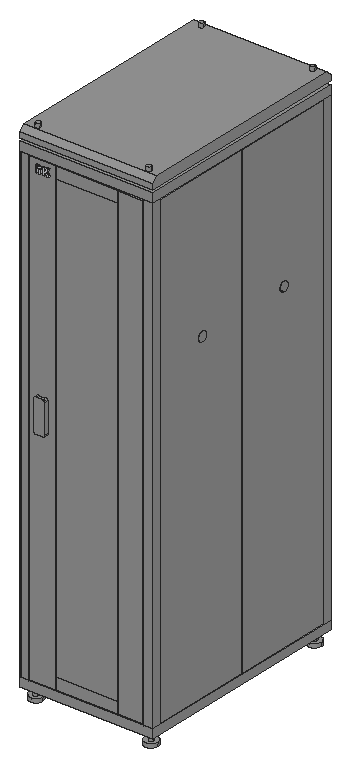
Revit family "ITK Шкаф сетевой 19 LINEA N 18U (600х1000 мм ) с перфорированной передней дверью", category Электрооборудование, Revit 2016
Family settings
  Тип детали = Другая панель
  Размер круглого соединителя = Использовать диаметр
  Номер OmniClass = 23.80.30.11.17
  Заголовок OmniClass = Distribution Boards and Control Panels
  На основе рабочей плоскости = Нет
  Всегда вертикально = Да
  При загрузке вырезать с полостями = Нет
  Общий = Нет
  Точка расчета площади = Нет
Parameters
  Ширина УГО = Ширина / 100  # 6 mm
  Ширина = 600 mm
  Степень защиты = "IP20"
  Смещение УГО по X [instance] = 1000 mm
  Основание = 50 mm
  Описание = "Напольные 19-дюймовые шкафы серии LINEA N применяются для размещения различного телекоммуникационного 19-дюймового активного и пассивного оборудования и небольших серверов, а также специализированного оборудования стандарта 19 дюймов, и отлично подходят для размещения как в офисных помещениях, так и в специализированных серверных комнатах.\r\n\r\nШирокий диапазон типоразмеров и модификаций сетевых шкафов, а также наличие большого количества комплектующих и аксессуаров к ним позволяет заказчику подобрать необходимую спецификацию в соответствии со стоящими перед ним задачами, а соответствие международным стандартам, таким как ISO9001, IEC 297, ISO/IEC 1180, обеспечивает совместимость с компонентами СКС и оборудованием других производителей.\r\n\r\nШкафы LINEA N обладают современным привлекательным дизайном и технологичной, но в то же время простой и удобной конструкцией, которая дает возможность эффективно справляться с задачами быстрого монтажа, администрирования и оперативного изменения конфигурации 19-дюймового оборудования, задачей защиты этого оборудования и поддержания для него оптимального температурного режима. Доступ внутрь шкафа возможен со всех сторон, для ввода кабеля предусмотрены вводы в верхней и нижней части. Сборка шкафа осуществляется одним специалистом и занимает не более 20 минут.\r\nРегулируемые по глубине 19-дюймовые направляющие.\r\nСовременный привлекательный дизайн.\r\nМонтажные профили имеют разметку в юнитах (U).\r\nХорошая естественная вентиляция, возможность установки дополнительных вентиляторных модулей.\r\nБоковые стенки оснащены замком и защелками.\r\nВозможность замены регулируемых ножек на ролики с тормозом.\r\nСтатическая нагрузка до 1000 кг (ножки).\r\nСборка одним человеком за 20 минут.\r\nНаличие большого количества совместимых аксессуаров и комплектующих производства ITK.\r\nВозможно исполнение в двух цветах: сером (RAL7035) и черном (RAL9005).\r\nРасширенная гарантия до 10 лет."  # constant formula
  Материал = Окраска - RAL 9005
  Крышка вентиляционная = 60 mm
  Type Comments = " "
  Assembly Code = ""
  Изготовитель = "ITK"  # constant formula
  Засечка УГО = 1.2 mm  # constant formula
  Model = ""
  Глубина УГО = Глубина / 100  # 10 mm
  Глубина = 1000 mm
  Высота = 2312 mm
  Вид установки = "Напольный"
  URL = "http://www.itk-group.ru/produktsiya/catalog/?page=section&id=450&pagen=1&pagec=100"
  ADSK_Ток = ADSK_Номинальная мощность / (ADSK_Коэффициент мощности * ADSK_Напряжение * sqrt(ADSK_Количество фаз числовое))  # 0 A
  ADSK_Примечание = ""
  ADSK_Полная мощность = ADSK_Номинальная мощность / ADSK_Коэффициент мощности  # 0 VA
  ADSK_Позиция [instance] = ""
  ADSK_Номинальная мощность = 0 W
  ADSK_Напряжение = 220 V
  ADSK_Наименование краткое = "LN35-47U61-P"
  ADSK_Наименование = "ITK Шкаф сетевой 19\" LINEA N 47U 600х1000 мм, перфорированная передняя дверь, серый"
  ADSK_Масса = 0
  ADSK_Марка = "LN35-47U61-P"
  ADSK_Коэффициент мощности = 1
  ADSK_Количество фаз числовое = 1
  ADSK_Количество фаз = 1
  ADSK_Код изделия = ""
  ADSK_Классификация нагрузок = Прочее
  ADSK_Завод-изготовитель = "IEK"
  ADSK_Единица измерения = "шт"
  ADSK_Группирование = "I. ЩИТЫ И ПУЛЬТЫ"
Reference planes
  plane 1 "По центру (Вперед/Назад)": y = 0
  plane 2: z = 0
  plane 3 "По центру (Влево/Вправо)": x = 0
  plane 4: x = -300
  plane 5: x = 300
  plane 6: y = 500
  plane 7: y = -500
  plane 8: z = 2312
  plane 9: z = 250
  plane 10: z = 2252
  plane 11: z = 50
  plane 12 "Смещение УГО по X": x = -1000
Forms (mm)
  Extrusion 1, solid, detail levels coarse+medium
    sketch origin (0, 0, 0) x (1, 0, 0) y (0, 1, 0)
      loop
        line (-300, 500) -> (-300, -500) -> (300, -500) -> (300, 500) -> (-300, 500)
    from 0 to 2312 <- "Высота"
Lines and regions (mm)
  reference lines
    curve 1: line (0, 241.146, 0) -> (0, -338.854, 0)
Dimensions and locks
  equal spacing: plane 7, plane 1 "По центру (Вперед/Назад)", plane 6
  "Глубина": plane 7 to plane 6
  equal spacing: plane 4, plane 3 "По центру (Влево/Вправо)", plane 5
  "Ширина": plane 4 to plane 5
  "Крышка вентиляционная": plane 8 to plane 10
  "Основание": plane 11 to plane 2
  "Высота": plane 8 to plane 2
  plane 12 "Смещение УГО по X" to plane 3 "По центру (Влево/Вправо)" = 1000 mm
  "Смещение УГО по X": plane 12 "Смещение УГО по X" to curve 1
  aligned and locked: level to plane 2
  aligned and locked: plane 1 "По центру (Вперед/Назад)" to nested 1
  aligned and locked: plane 3 "По центру (Влево/Вправо)" to nested 1
  aligned and locked: plane 1 "По центру (Вперед/Назад)" to nested 2
  aligned and locked: plane 3 "По центру (Влево/Вправо)" to nested 2
  aligned and locked: plane 1 "По центру (Вперед/Назад)" to nested 3
  aligned and locked: plane 3 "По центру (Влево/Вправо)" to nested 3
  aligned and locked: plane 3 "По центру (Влево/Вправо)" to nested 4
  aligned and locked: plane 1 "По центру (Вперед/Назад)" to nested 4
  aligned and locked: plane 1 "По центру (Вперед/Назад)" to nested 5
  aligned and locked: plane 3 "По центру (Влево/Вправо)" to nested 5
  aligned and locked: Extrusion 1 sketch curve to plane 4
  aligned and locked: Extrusion 1 sketch curve to plane 6
  aligned and locked: plane 7 to Extrusion 1 sketch curve
  aligned and locked: plane 5 to Extrusion 1 sketch curve
  aligned and locked: plane 1 "По центру (Вперед/Назад)" to nested 6
  aligned and locked: plane 3 "По центру (Влево/Вправо)" to nested 7
  aligned and locked: plane 1 "По центру (Вперед/Назад)" to nested 7
  aligned and locked: nested 6 to curve 1
  aligned and locked: plane 3 "По центру (Влево/Вправо)" to nested 8
  aligned and locked: plane 7 to nested 8
Automatic sketch dimensions
  curve 1 to plane 7 = 161.146 mm
  curve 1 to plane 1 "По центру (Вперед/Назад)" = 241.146 mm
Nested families
  nested 1: "Стойка_комплект 4шт" at (0, 0, 0), type "Стойка_комплект 4шт", detail levels fine
    with Основание 50 mm, Глубина 1000 mm, Высота 2312 mm
  nested 2: "Панель задняя" at (0, 0, 0), type "Панель задняя", detail levels fine
    with Основание 50 mm, Крыша вентиляционная 60 mm, Глубина 1000 mm, Высота 2312 mm
  nested 3: "Основание_2шт" at (0, 0, 0), type "Основание_2шт", detail levels fine
    with Крыша вентиляционная 60 mm, Глубина 1000 mm, Высота 2312 mm
  nested 4: "Крыша вентиляционная" at (0, 0, 0), type "Крыша вентиляционная", detail levels fine
    with Крыша вентиляционная 60 mm, Глубина 1000 mm, Высота 2312 mm
  nested 5: "Ножки" at (0, 0, 0), type "Ножки", detail levels fine
    with Крыша вентиляционная 60 mm, Глубина 1000 mm, Высота 2312 mm
  nested 6: "УГО (одна дверь)" at (0, 0, 0), type "УГО (одна дверь)", detail levels coarse+medium
    with Ширина УГО 6 mm, Засечка УГО 1.2 mm, Глубина УГО 10 mm
  nested 7: "Панель боковая (1000мм)_2шт" at (0, 0, 0), type "Панель боковая (1000мм)_2шт", detail levels fine
  nested 8: "Комплект двери перфорированной" at (0, 0, 0), type "Комплект двери перфорированной", detail levels fine
    with Глубина 1000 mm
Connectors
  electrical at (0, 500, 1156), driven by "ADSK_Напряжение", driven by "ADSK_Количество фаз", driven by "ADSK_Коэффициент мощности", driven by "ADSK_Классификация нагрузок", driven by "ADSK_Полная мощность"
    settings: on Extrusion 1, index 1, voltage 220 V, apparent load 0 VA, apparent load phase1 0 VA, apparent load phase2 0 VA, apparent load phase3 0 VA, power factor 1, load classification "Прочее", number of poles 1, system type 31, power factor state 1, is connector primary yes, connector utility no, sub classification motor no, connector description ""
Definition of nested family "Стойка_комплект 4шт"
  Parameters
    Ширина = 600 mm
    Основание = 150 mm
    Материал = none
    Крыша вентиляционная = 60 mm
    Глубина = 600 mm
    Высота = 2200 mm
  Reference planes
    plane 1 "По центру (Вперед/Назад)": y = 0
    plane 2: z = 0
    plane 3 "По центру (Влево/Вправо)": x = 0
    plane 4: x = -300
    plane 5: x = 300
    plane 6: y = 300
    plane 7: y = -300
    plane 8: y = 260
    plane 9: y = -260
    plane 10: x = -260
    plane 11: x = 260
    plane 12: z = 2100
    plane 13: z = 190
    plane 14: z = 150
    plane 15: z = 2140
    plane 16: z = 2200
  Forms (mm)
    Extrusion 1, solid, material <- "Материал"
      sketch origin (0, 0, 0) x (1, 0, 0) y (0, 1, 0)
        loop
          line (-300, -260) -> (-300, -300) -> (-260, -300) -> (-260, -280) -> (-245, -280) -> (-245, -260) -> (-260, -260) -> (-260, -245) -> (-270, -245) -> (-270, -260) -> (-300, -260)
        loop
          line (300, -260) -> (270, -260) -> (270, -245) -> (260, -245) -> (260, -260) -> (245, -260) -> (245, -280) -> (260, -280) -> (260, -300) -> (300, -300) -> (300, -260)
        loop
          line (300, 260) -> (300, 300) -> (260, 300) -> (260, 270) -> (245, 270) -> (245, 260) -> (260, 260) -> (260, 245) -> (270, 245) -> (270, 260) -> (300, 260)
        loop
          line (-300, 260) -> (-270, 260) -> (-270, 245) -> (-260, 245) -> (-260, 260) -> (-245, 260) -> (-245, 270) -> (-260, 270) -> (-260, 300) -> (-300, 300) -> (-300, 260)
        loop
          line (297, 297) -> (263, 297) -> (263, 267) -> (248, 267) -> (248, 263) -> (263, 263) -> (263, 248) -> (267, 248) -> (267, 263) -> (297, 263) -> (297, 297)
        loop
          line (-263, 297) -> (-297, 297) -> (-297, 263) -> (-267, 263) -> (-267, 248) -> (-263, 248) -> (-263, 263) -> (-248, 263) -> (-248, 267) -> (-263, 267) -> (-263, 297)
        loop
          line (-297, -263) -> (-297, -297) -> (-263, -297) -> (-263, -277) -> (-248, -277) -> (-248, -263) -> (-263, -263) -> (-263, -248) -> (-267, -248) -> (-267, -263) -> (-297, -263)
        loop
          line (263, -297) -> (297, -297) -> (297, -263) -> (267, -263) -> (267, -248) -> (263, -248) -> (263, -263) -> (248, -263) -> (248, -277) -> (263, -277) -> (263, -297)
      from 190 to 2100
  Dimensions and locks
    equal spacing: plane 7, plane 1 "По центру (Вперед/Назад)", plane 6
    equal spacing: plane 4, plane 3 "По центру (Влево/Вправо)", plane 5
    "Ширина": plane 4 to plane 5
    "Глубина": plane 7 to plane 6
    locked: plane 7 to plane 9 at 40
    locked: plane 6 to plane 8 at 40
    locked: plane 11 to plane 5 at 40
    locked: plane 4 to plane 10 at 40
    locked: plane 15 to plane 12 at 40
    "Крыша вентиляционная": plane 16 to plane 15
    locked: plane 13 to plane 14 at 40
    "Основание": plane 14 to plane 2
    "Высота": plane 16 to plane 2
    aligned and locked: level to plane 2
    aligned and locked: plane 9 to Extrusion 1 sketch curve
    aligned and locked: plane 4 to Extrusion 1 sketch curve
    aligned and locked: Extrusion 1 sketch curve to plane 7
    aligned and locked: plane 5 to Extrusion 1 sketch curve
    aligned and locked: plane 8 to Extrusion 1 sketch curve  (x2)
    aligned and locked: Extrusion 1 sketch curve to plane 11  (x2)
    aligned and locked: Extrusion 1 sketch curve to plane 6
    aligned and locked: plane 10 to Extrusion 1 sketch curve  (x2)
    aligned and locked: Extrusion 1 sketch curve to plane 8  (x2)
    aligned and locked: plane 6 to Extrusion 1 sketch curve
    aligned and locked: Extrusion 1 sketch curve to plane 4
    aligned and locked: plane 7 to Extrusion 1 sketch curve
    aligned and locked: Extrusion 1 sketch curve to plane 5
    aligned and locked: Extrusion 1 sketch curve to plane 9
    aligned and locked: plane 11 to Extrusion 1 sketch curve
    aligned and locked: plane 12 to Extrusion 1
    aligned and locked: Extrusion 1 to plane 13
  Automatic sketch dimensions
    Extrusion 1 sketch curve to plane 10 = 0 mm  (x2)
    plane 9 to Extrusion 1 sketch curve = 0 mm  (x2)
    Extrusion 1 sketch curve to plane 11 = 0 mm
    plane 4 to Extrusion 1 sketch curve = 3 mm  (x2)
    Extrusion 1 sketch curve to plane 10 = 10 mm  (x2)
    Extrusion 1 sketch curve to Extrusion 1 sketch curve = 3 mm  (x16)
    Extrusion 1 sketch curve to plane 10 = 3 mm  (x4)
    plane 10 to Extrusion 1 sketch curve = 12 mm  (x2)
    Extrusion 1 sketch curve to Extrusion 1 sketch curve = 15 mm  (x2)
    Extrusion 1 sketch curve to plane 11 = 3 mm  (x4)
    Extrusion 1 sketch curve to Extrusion 1 sketch curve = 4 mm  (x4)
    plane 5 to Extrusion 1 sketch curve = 3 mm  (x2)
    Extrusion 1 sketch curve to plane 7 = 3 mm  (x2)
    Extrusion 1 sketch curve to plane 7 = 20 mm  (x2)
    plane 9 to Extrusion 1 sketch curve = 3 mm  (x4)
    Extrusion 1 sketch curve to plane 9 = 12 mm  (x2)
    Extrusion 1 sketch curve to plane 8 = 15 mm  (x2)
    plane 8 to Extrusion 1 sketch curve = 3 mm  (x4)
    Extrusion 1 sketch curve to plane 6 = 3 mm  (x2)
Definition of nested family "Панель задняя"
  Parameters
    Ширина = 600 mm
    Основание = 150 mm
    Материал = none
    Крыша вентиляционная = 45 mm
    Глубина = 600 mm
    Высота = 1800 mm
  Reference planes
    plane 1 "По центру (Вперед/Назад)": y = 0
    plane 2: z = 0
    plane 3 "По центру (Влево/Вправо)": x = 0
    plane 4: x = -300
    plane 5: x = 300
    plane 6: y = 300
    plane 7: y = -300
    plane 8: y = 260
    plane 9: y = -260
    plane 10: x = -260
    plane 11: x = 260
    plane 12: z = 1715
    plane 13: z = 190
    plane 14: z = 1710
    plane 15: z = 195
    plane 16: z = 1755
    plane 17: z = 1800
    plane 18: z = 150
    plane 19: z = 240
    plane 20: z = 320
    plane 21: z = 370
    plane 22: z = 1665
    plane 23: z = 1585
    plane 24: z = 1535
    plane 25: z = 952.5
    plane 26: x = 140
    plane 27: x = -140
  Forms (mm)
    Extrusion 1, solid, material <- "Материал"
      sketch origin (0, 0, 0) x (1, 0, 0) y (0, 1, 0)
        loop
          line (-255, 300) -> (-255, 270) -> (-245, 270) -> (-245, 290) -> (245, 290) -> (245, 270) -> (255, 270) -> (255, 300) -> (-255, 300)
      from 195 to 1710
    Extrusion 2, void
      sketch origin (0, 0, 0) x (1, 0, 0) y (0, 0, 1)
        loop
          line (-255, 372.527) -> (-255, 367.473) -> (255, 367.473) -> (255, 372.527) -> (-255, 372.527)
        loop
          line (-175, 320) -> (-175, 240) -> (175, 240) -> (175, 320) -> (-175, 320)
        loop
          line (-170, 245) -> (170, 245) -> (170, 315) -> (-170, 315) -> (-170, 245)
        loop
          line (-255, 1532.473) -> (255, 1532.473) -> (255, 1537.527) -> (-255, 1537.527) -> (-255, 1532.473)
        loop
          line (-175, 1585) -> (175, 1585) -> (175, 1665) -> (-175, 1665) -> (-175, 1585)
        loop
          line (-170, 1660) -> (-170, 1590) -> (170, 1590) -> (170, 1660) -> (-170, 1660)
      from -300 to -293
  Cuts and joins
    Extrusion 2 cuts Extrusion 1
  Dimensions and locks
    equal spacing: plane 7, plane 1 "По центру (Вперед/Назад)", plane 6
    equal spacing: plane 4, plane 3 "По центру (Влево/Вправо)", plane 5
    "Ширина": plane 4 to plane 5
    "Глубина": plane 7 to plane 6
    locked: plane 7 to plane 9 at 40
    locked: plane 6 to plane 8 at 40
    locked: plane 11 to plane 5 at 40
    locked: plane 4 to plane 10 at 40
    locked: plane 12 to plane 14 at 5
    locked: plane 15 to plane 13 at 5
    locked: plane 16 to plane 12 at 40
    "Крыша вентиляционная": plane 17 to plane 16
    locked: plane 13 to plane 18 at 40
    "Основание": plane 18 to plane 2
    equal spacing: Extrusion 2 sketch curve, plane 21, Extrusion 2 sketch curve
    locked: Extrusion 2 sketch curve to Extrusion 2 sketch curve at 5.053  (x2)
    equal spacing: Extrusion 2 sketch curve, plane 3 "По центру (Влево/Вправо)", Extrusion 2 sketch curve  (x2)
    locked: Extrusion 2 sketch curve to Extrusion 2 sketch curve at 350  (x2)
    locked: plane 19 to plane 13 at 50
    locked: plane 21 to plane 20 at 50
    locked: plane 20 to plane 19 at 80
    locked: plane 23 to plane 24 at 50
    locked: plane 12 to plane 22 at 50
    locked: plane 22 to plane 23 at 80
    equal spacing: Extrusion 2 sketch curve, plane 24, Extrusion 2 sketch curve
    locked: plane 27 to plane 10 at 120
    locked: plane 26 to plane 11 at 120
    "Высота": plane 17 to plane 2
    equal spacing: plane 18, plane 25, plane 16
    aligned and locked: level to plane 2
    aligned and locked: Extrusion 1 sketch curve to plane 6
    aligned and locked: plane 14 to Extrusion 1
    aligned and locked: Extrusion 1 to plane 15
    aligned and locked: Extrusion 2 sketch curve to Extrusion 1  (x2)
    aligned and locked: Extrusion 2 sketch curve to plane 20
    aligned and locked: plane 19 to Extrusion 2 sketch curve
    aligned and locked: plane 6 to Extrusion 2
    aligned and locked: Extrusion 2 sketch curve to plane 23
    aligned and locked: plane 22 to Extrusion 2 sketch curve
    aligned and locked: nested 2 to plane 25
    aligned and locked: plane 26 to nested 2
    aligned and locked: nested 1 to plane 25
    aligned and locked: nested 1 to plane 27
  Automatic sketch dimensions
    plane 10 to Extrusion 1 sketch curve = 5 mm
    Extrusion 1 sketch curve to Extrusion 1 sketch curve = 10 mm
    plane 11 to Extrusion 1 sketch curve = 15 mm
    plane 11 to Extrusion 1 sketch curve = 5 mm
    Extrusion 1 sketch curve to plane 6 = 10 mm
    plane 8 to Extrusion 1 sketch curve = 10 mm  (x2)
    plane 10 to Extrusion 2 sketch curve = 5 mm
    Extrusion 2 sketch curve to Extrusion 2 sketch curve = 5 mm  (x4)
    plane 11 to Extrusion 2 sketch curve = 5 mm
    plane 19 to Extrusion 2 sketch curve = 5 mm
    Extrusion 2 sketch curve to plane 20 = 5 mm
    plane 23 to Extrusion 2 sketch curve = 5 mm
    Extrusion 2 sketch curve to plane 22 = 5 mm
  Nested families
    nested 1: "Замок" at (-140, 300, 952.5) x (-1, 0, 0) z (0, 1, 0), type "Замок"
    nested 2: "Замок" at (140, 300, 952.5) x (-1, 0, 0) z (0, 1, 0), type "Замок"
  Definition of nested family "Замок"
    Parameters
      Default Elevation = 1219.2 mm
      Материал = none
    Reference planes
      plane 1 "По центру (Вперед/Назад)": y = 0
      plane 2: z = 0
      plane 3 "По центру (Влево/Вправо)": x = 0
    Forms (mm)
      Extrusion 1, solid
        sketch origin (0, 0, 0) x (1, 0, 0) y (0, 1, 0)
          loop
            line (-1219.2, 1219.2) -> (-1219.2, -1219.2) -> (1219.2, -1219.2) -> (1219.2, 1219.2) -> (-1219.2, 1219.2)
        from 0 to -304.8
      Extrusion 2, solid, material <- "Материал"
        sketch origin (0, 0, 0) x (1, 0, 0) y (0, 1, 0)
          loop
            circle (0, 0) r 20
          loop
            line (3, 8.219) -> (-3, 8.219) -> (-3, -8.219) -> (3, -8.219) -> (3, 8.219)
        from 0 to 7
    Dimensions and locks
      aligned and locked: plane 2 to Extrusion 1
      aligned and locked: level to Extrusion 1
Definition of nested family "Основание_2шт"
  Parameters
    Ширина = 600 mm
    Основание = 50 mm
    Материал = none
    Крыша вентиляционная = 100 mm
    Глубина = 600 mm
    Высота = 1800 mm
  Reference planes
    plane 1 "По центру (Вперед/Назад)": y = 0
    plane 2: z = 0
    plane 3 "По центру (Влево/Вправо)": x = 0
    plane 4: x = -300
    plane 5: x = 300
    plane 6: y = 300
    plane 7: y = -300
    plane 8: y = 260
    plane 9: y = -260
    plane 10: x = -260
    plane 11: x = 260
    plane 12: z = 1800
    plane 13: z = 90
    plane 14: z = 50
    plane 15: z = 1700
    plane 16: z = 1660
    plane 17: z = 1655
    plane 18: z = 95
  Forms (mm)
    Extrusion 1, solid, material <- "Материал"
      sketch origin (0, 0, 0) x (1, 0, 0) y (0, 0, 1)
        loop
          line (-300, 1700) -> (-300, 1660) -> (300, 1660) -> (300, 1700) -> (-300, 1700)
        loop
          line (-300, 90) -> (-300, 50) -> (300, 50) -> (300, 90) -> (-300, 90)
      from -300 to 300
    Extrusion 2, solid, material <- "Материал"
      sketch origin (-1511.359, -1524, 1660) x (-1, 0, 0) y (0, -1, 0)
        loop
          line (-1771.359, -1769) -> (-1771.359, -1784) -> (-1756.359, -1784) -> (-1756.359, -1814) -> (-1266.359, -1814) -> (-1266.359, -1784) -> (-1251.359, -1784) -> (-1251.359, -1769) -> (-1221.359, -1769) -> (-1221.359, -1279) -> (-1251.359, -1279) -> (-1251.359, -1264) -> (-1266.359, -1264) -> (-1266.359, -1244) -> (-1756.359, -1244) -> (-1756.359, -1264) -> (-1771.359, -1264) -> (-1771.359, -1279) -> (-1801.359, -1279) -> (-1801.359, -1769) -> (-1771.359, -1769)
      from -5 to 0
    Extrusion 3, solid, material <- "Материал"
      sketch origin (-1511.359, -1524, 384.733) x (0, 1, 0) y (1, 0, 0)
        loop
          line (1769, 1771.359) -> (1769, 1801.359) -> (1279, 1801.359) -> (1279, 1771.359) -> (1264, 1771.359) -> (1264, 1756.359) -> (1244, 1756.359) -> (1244, 1266.359) -> (1264, 1266.359) -> (1264, 1251.359) -> (1279, 1251.359) -> (1279, 1221.359) -> (1769, 1221.359) -> (1769, 1251.359) -> (1784, 1251.359) -> (1784, 1266.359) -> (1814, 1266.359) -> (1814, 1756.359) -> (1784, 1756.359) -> (1784, 1771.359) -> (1769, 1771.359)
      from 289.733 to 294.733
  Dimensions and locks
    equal spacing: plane 7, plane 1 "По центру (Вперед/Назад)", plane 6
    equal spacing: plane 4, plane 3 "По центру (Влево/Вправо)", plane 5
    "Ширина": plane 4 to plane 5
    "Глубина": plane 7 to plane 6
    locked: plane 7 to plane 9 at 40
    locked: plane 6 to plane 8 at 40
    locked: plane 11 to plane 5 at 40
    locked: plane 4 to plane 10 at 40
    "Основание": plane 14 to plane 2
    locked: plane 13 to plane 14 at 40
    locked: plane 15 to plane 16 at 40
    "Крыша вентиляционная": plane 12 to plane 15
    locked: plane 16 to plane 17 at 5
    locked: plane 18 to plane 13 at 5
    "Высота": plane 12 to plane 2
    aligned and locked: level to plane 2
    aligned and locked: Extrusion 1 sketch curve to plane 15
    aligned and locked: plane 4 to Extrusion 1 sketch curve  (x2)
    aligned and locked: plane 16 to Extrusion 1 sketch curve
    aligned and locked: plane 5 to Extrusion 1 sketch curve  (x2)
    aligned and locked: Extrusion 1 sketch curve to plane 13
    aligned and locked: plane 14 to Extrusion 1 sketch curve
    aligned and locked: plane 6 to Extrusion 1
    aligned and locked: plane 7 to Extrusion 1
    aligned and locked: plane 9 to Extrusion 2 sketch curve
    aligned and locked: Extrusion 2 sketch curve to plane 9
    aligned and locked: Extrusion 2 sketch curve to plane 10
    aligned and locked: plane 11 to Extrusion 2 sketch curve
    aligned and locked: Extrusion 2 sketch curve to plane 11
    aligned and locked: plane 8 to Extrusion 2 sketch curve
    aligned and locked: Extrusion 2 sketch curve to plane 8
    aligned and locked: plane 10 to Extrusion 2 sketch curve
    aligned and locked: plane 16 to Extrusion 2
    aligned and locked: Extrusion 2 to plane 17
    aligned and locked: Extrusion 3 to plane 13
    aligned and locked: plane 18 to Extrusion 3
    aligned and locked: Extrusion 2 sketch curve to Extrusion 3
  Automatic sketch dimensions
    plane 5 to Extrusion 2 sketch curve = 10 mm
    Extrusion 2 sketch curve to Extrusion 2 sketch curve = 15 mm  (x2)
    plane 10 to Extrusion 2 sketch curve = 15 mm  (x2)
    plane 4 to Extrusion 2 sketch curve = 10 mm
    Extrusion 2 sketch curve to plane 6 = 10 mm
    Extrusion 2 sketch curve to plane 8 = 15 mm  (x2)
    Extrusion 2 sketch curve to plane 9 = 15 mm  (x2)
    plane 9 to Extrusion 3 sketch curve = 0 mm  (x2)
    Extrusion 3 sketch curve to plane 11 = 0 mm  (x2)
    Extrusion 3 sketch curve to plane 10 = 0 mm  (x2)
    Extrusion 3 sketch curve to plane 8 = 0 mm  (x2)
    Extrusion 3 sketch curve to plane 7 = 20 mm
    Extrusion 3 sketch curve to plane 9 = 15 mm  (x2)
    Extrusion 3 sketch curve to Extrusion 3 sketch curve = 15 mm  (x3)
    Extrusion 3 sketch curve to plane 8 = 15 mm
    Extrusion 3 sketch curve to plane 6 = 10 mm
    plane 5 to Extrusion 3 sketch curve = 10 mm
    plane 10 to Extrusion 3 sketch curve = 15 mm  (x2)
    plane 4 to Extrusion 3 sketch curve = 10 mm
Definition of nested family "Крыша вентиляционная"
  Parameters
    Ширина = 600 mm
    Основание = 50 mm
    Материал = none
    Крыша вентиляционная = 65 mm
    Глубина = 600 mm
    Высота = 1805 mm
  Reference planes
    plane 1 "По центру (Вперед/Назад)": y = 0
    plane 2: z = 0
    plane 3 "По центру (Влево/Вправо)": x = 0
    plane 4: x = -300
    plane 5: x = 300
    plane 6: y = 300
    plane 7: y = -300
    plane 8: y = 260
    plane 9: y = -260
    plane 10: x = -260
    plane 11: x = 260
    plane 12: z = 1805
    plane 13: z = 50
    plane 14: z = 1740
    plane 15: z = 1820
    plane 16: z = 1755
  Forms (mm)
    Extrusion 1, solid, material <- "Материал"
      sketch origin (-1511.359, -1524, 1710) x (-1, 0, 0) y (0, -1, 0)
        loop
          circle (-1761.359, -1784) r 10
        loop
          circle (-1761.359, -1264) r 10
        loop
          circle (-1261.359, -1784) r 10
        loop
          circle (-1261.359, -1264) r 10
      from 30 to 110
    Extrusion 2, solid, material <- "Материал"
      sketch origin (0, 0, 0) x (0, 1, 0) y (0, 0, 1)
        loop
          line (-275, 1805) -> (-300, 1780) -> (-300, 1755) -> (300, 1755) -> (300, 1780) -> (275, 1805) -> (-275, 1805)
      from -300 to 300
  Cuts and joins
    joined: Extrusion 1, Extrusion 2
  Dimensions and locks
    equal spacing: plane 7, plane 1 "По центру (Вперед/Назад)", plane 6
    equal spacing: plane 4, plane 3 "По центру (Влево/Вправо)", plane 5
    "Ширина": plane 4 to plane 5
    "Глубина": plane 7 to plane 6
    locked: plane 7 to plane 9 at 40
    locked: plane 6 to plane 8 at 40
    locked: plane 11 to plane 5 at 40
    locked: plane 4 to plane 10 at 40
    "Основание": plane 13 to plane 2
    "Крыша вентиляционная": plane 12 to plane 14
    locked: plane 15 to plane 12 at 15
    locked: plane 16 to plane 14 at 15
    equal spacing: plane 12, Extrusion 2 sketch curve, plane 16  (x2)
    "Высота": plane 12 to plane 2
    locked: plane 12 to Extrusion 2 sketch curve (angle 45.00°)
    locked: Extrusion 2 sketch curve to plane 12 (angle 45.00°)
    aligned and locked: level to plane 2
    aligned and locked: Extrusion 1 to plane 14
    aligned and locked: plane 15 to Extrusion 1
    aligned and locked: Extrusion 2 sketch curve to plane 12
    aligned and locked: Extrusion 2 sketch curve to plane 7
    aligned and locked: plane 16 to Extrusion 2 sketch curve
    aligned and locked: Extrusion 2 sketch curve to plane 6
    aligned and locked: Extrusion 2 to plane 4
    aligned and locked: Extrusion 2 to plane 5
  Automatic sketch dimensions
    plane 9 to Extrusion 1 sketch curve = 0 mm  (x2)
    Extrusion 1 sketch curve to plane 8 = 0 mm  (x2)
    plane 11 to Extrusion 1 sketch curve = 10 mm  (x2)
    plane 10 to Extrusion 1 sketch curve = 10 mm  (x2)
    radius of Extrusion 1 sketch curve = 10 mm  (x4)
Definition of nested family "Ножки"
  Parameters
    Ширина = 600 mm
    Основание = 50 mm
    Материал = none
    Крыша вентиляционная = 100 mm
    Глубина = 600 mm
    Высота = 1800 mm
  Reference planes
    plane 1 "По центру (Вперед/Назад)": y = 0
    plane 2: z = 0
    plane 3 "По центру (Влево/Вправо)": x = 0
    plane 4: x = -300
    plane 5: x = 300
    plane 6: y = 300
    plane 7: y = -300
    plane 8: y = 260
    plane 9: y = -260
    plane 10: x = -260
    plane 11: x = 260
    plane 12: z = 1850
    plane 13: z = 50
    plane 14: z = 15
  Forms (mm)
    Extrusion 1, solid, material <- "Материал"
      sketch origin (-1511.359, -1524, 1710) x (-1, 0, 0) y (0, -1, 0)
        loop
          circle (-1251.359, -1784) r 30
        loop
          circle (-1771.359, -1784) r 30
        loop
          circle (-1251.359, -1264) r 30
        loop
          circle (-1771.359, -1264) r 30
      from -1710 to -1695
    Extrusion 2, solid, material <- "Материал"
      sketch origin (-1511.359, -1524, 1710) x (-1, 0, 0) y (0, -1, 0)
        loop
          circle (-1251.359, -1784) r 10
        loop
          circle (-1771.359, -1784) r 10
        loop
          circle (-1251.359, -1264) r 10
        loop
          circle (-1771.359, -1264) r 10
      from -1695 to -1660
  Dimensions and locks
    equal spacing: plane 7, plane 1 "По центру (Вперед/Назад)", plane 6
    equal spacing: plane 4, plane 3 "По центру (Влево/Вправо)", plane 5
    "Ширина": plane 4 to plane 5
    "Глубина": plane 7 to plane 6
    locked: plane 7 to plane 9 at 40
    locked: plane 6 to plane 8 at 40
    locked: plane 11 to plane 5 at 40
    locked: plane 4 to plane 10 at 40
    "Основание": plane 13 to plane 2
    "Высота": plane 12 to plane 13
    locked: plane 14 to plane 2 at 15
    aligned and locked: level to plane 2
    aligned and locked: plane 10 to Extrusion 1 sketch curve  (x2)
    aligned and locked: plane 9 to Extrusion 1 sketch curve  (x2)
    aligned and locked: plane 11 to Extrusion 1 sketch curve  (x2)
    aligned and locked: plane 8 to Extrusion 1 sketch curve  (x2)
    aligned and locked: plane 10 to Extrusion 2 sketch curve  (x2)
    aligned and locked: plane 8 to Extrusion 2 sketch curve  (x2)
    aligned and locked: plane 11 to Extrusion 2 sketch curve  (x2)
    aligned and locked: plane 9 to Extrusion 2 sketch curve  (x2)
    aligned and locked: Extrusion 1 to level
    aligned and locked: plane 14 to Extrusion 1
    aligned and locked: Extrusion 2 to plane 14
    aligned and locked: plane 13 to Extrusion 2
  Automatic sketch dimensions
    radius of Extrusion 1 sketch curve = 30 mm  (x4)
    radius of Extrusion 2 sketch curve = 10 mm  (x4)
Definition of nested family "Панель боковая (1000мм)_2шт"
  Parameters (values of type "Панель боковая (1000мм)_2шт")
    Ширина = 600 mm
    Основание = 50 mm
    Материал = none
    Крышка вентиляционная = 60 mm
    Глубина = 1000 mm
    Высота = 2312 mm
  Reference planes
    plane 1 "По центру (Вперед/Назад)": y = 0
    plane 2: z = 0
    plane 3 "По центру (Влево/Вправо)": x = 0
    plane 4: x = -300
    plane 5: x = 300
    plane 6: y = 500
    plane 7: y = -500
    plane 8: y = 460
    plane 9: y = -460
    plane 10: x = -260
    plane 11: x = 260
    plane 12: z = 90
    plane 13: z = 95
    plane 14: z = 50
    plane 15: z = 1558
    plane 16: z = 2212
    plane 17: z = 2312
    plane 18: z = 804
    plane 19: z = 2252
    plane 20: z = 2207
  Forms (mm)
    Extrusion 1, solid, material <- "Материал"
      sketch origin (0, 0, 0) x (1, 0, 0) y (0, 1, 0)
        loop
          line (-300, 455) -> (-300, 5) -> (-270, 5) -> (-270, 15) -> (-289.98, 15) -> (-289.98, 445) -> (-270, 445) -> (-270, 455) -> (-300, 455)
        loop
          line (-300, -455) -> (-270, -455) -> (-270, -445) -> (-289.98, -445) -> (-289.98, -15) -> (-270, -15) -> (-270, -5) -> (-300, -5) -> (-300, -455)
        loop
          line (300, -455) -> (300, -5) -> (270, -5) -> (270, -15) -> (289.98, -15) -> (289.98, -445) -> (270, -445) -> (270, -455) -> (300, -455)
        loop
          line (300, 455) -> (270, 455) -> (270, 445) -> (289.98, 445) -> (289.98, 15) -> (270, 15) -> (270, 5) -> (300, 5) -> (300, 455)
      from 95 to 2207
  Dimensions and locks
    equal spacing: plane 7, plane 1 "По центру (Вперед/Назад)", plane 6
    equal spacing: plane 4, plane 3 "По центру (Влево/Вправо)", plane 5
    "Ширина": plane 4 to plane 5
    "Глубина": plane 7 to plane 6
    locked: plane 7 to plane 9 at 40
    locked: plane 6 to plane 8 at 40
    locked: plane 11 to plane 5 at 40
    locked: plane 4 to plane 10 at 40
    locked: plane 13 to plane 12 at 5
    locked: plane 12 to plane 14 at 40
    "Основание": plane 14 to plane 2
    "Высота": plane 17 to plane 2
    equal spacing: plane 17, plane 15, plane 18, plane 14
    "Крышка вентиляционная": plane 17 to plane 19
    locked: plane 19 to plane 16 at 40
    locked: plane 16 to plane 20 at 5
    aligned and locked: level to plane 2
    aligned and locked: Extrusion 1 to plane 13
    aligned and locked: nested 1 to plane 15
    aligned and locked: Extrusion 1 sketch curve to plane 4
    aligned and locked: nested 3 to plane 15
    aligned and locked: plane 15 to nested 4
    aligned and locked: plane 15 to nested 2
    aligned and locked: plane 20 to Extrusion 1
  Automatic sketch dimensions
    Extrusion 1 sketch curve to plane 4 = 0 mm
    Extrusion 1 sketch curve to plane 5 = 0 mm  (x2)
    plane 4 to Extrusion 1 sketch curve = 10.02 mm  (x2)
    Extrusion 1 sketch curve to plane 10 = 10 mm  (x4)
    Extrusion 1 sketch curve to plane 9 = 5 mm  (x2)
    Extrusion 1 sketch curve to plane 1 "По центру (Вперед/Назад)" = 5 mm  (x2)
    plane 1 "По центру (Вперед/Назад)" to Extrusion 1 sketch curve = 5 mm  (x2)
    Extrusion 1 sketch curve to plane 11 = 10 mm  (x4)
    plane 5 to Extrusion 1 sketch curve = 10.02 mm  (x2)
    Extrusion 1 sketch curve to Extrusion 1 sketch curve = 10 mm  (x6)
    Extrusion 1 sketch curve to plane 8 = 15 mm  (x2)
    Extrusion 1 sketch curve to plane 8 = 5 mm  (x2)
  Nested families
    nested 1: "Замок" at (300, 230, 1558) x (0, 1, 0) z (1, 0, 0), type "Замок"
    nested 2: "Замок" at (-300, 230, 1558) x (0, 1, 0) z (-1, 0, 0), type "Замок"
    nested 3: "Замок" at (-300, -230, 1558) x (0, -1, 0) z (-1, 0, 0), type "Замок"
    nested 4: "Замок" at (300, -230, 1558) x (0, -1, 0) z (1, 0, 0), type "Замок"
  Definition of nested family "Замок"
    Parameters
      Default Elevation = 1219.2 mm
      Материал = none
    Reference planes
      plane 1 "По центру (Вперед/Назад)": y = 0
      plane 2: z = 0
      plane 3 "По центру (Влево/Вправо)": x = 0
    Forms (mm)
      Extrusion 1, solid
        sketch origin (0, 0, 0) x (1, 0, 0) y (0, 1, 0)
          loop
            line (-1219.2, 1219.2) -> (-1219.2, -1219.2) -> (1219.2, -1219.2) -> (1219.2, 1219.2) -> (-1219.2, 1219.2)
        from 0 to -304.8
      Extrusion 2, solid, material <- "Материал"
        sketch origin (0, 0, 0) x (1, 0, 0) y (0, 1, 0)
          loop
            circle (0, 0) r 20
          loop
            line (3, 8.219) -> (-3, 8.219) -> (-3, -8.219) -> (3, -8.219) -> (3, 8.219)
        from 0 to 7
    Dimensions and locks
      aligned and locked: plane 2 to Extrusion 1
      aligned and locked: level to Extrusion 1
Definition of nested family "Комплект двери перфорированной"
  Parameters (values of type "Комплект двери перфорированной")
    Ширина = 600 mm
    Основание = 50 mm
    Материал = none
    Крыша вентиляционная = 60 mm
    Глубина = 800 mm
    Высота = 2312 mm
  Reference planes
    plane 1 "По центру (Вперед/Назад)": y = 0
    plane 2: z = 0
    plane 3 "По центру (Влево/Вправо)": x = 0
    plane 4: x = -300
    plane 5: x = 300
    plane 6: y = 400
    plane 7: y = -400
    plane 8: y = 360
    plane 9: y = -360
    plane 10: x = -260
    plane 11: x = 260
    plane 12: z = 2212
    plane 13: z = 90
    plane 14: z = 2207
    plane 15: z = 95
    plane 16: z = 2252
    plane 17: z = 2312
    plane 18: z = 50
    plane 19: z = 1181
    plane 20: x = -200
    plane 21: x = -140
    plane 22: x = 140
    plane 23: z = 2157
    plane 24: z = 145
  Forms (mm)
    Extrusion 1, solid, material <- "Материал"
      sketch origin (0, 0, 0) x (1, 0, 0) y (0, 1, 0)
        loop
          line (-255, -400) -> (-140, -400) -> (-140, -380) -> (-235, -380) -> (-235, -365) -> (-245, -365) -> (-245, -380) -> (-255, -380) -> (-255, -400)
        loop
          line (255, -400) -> (255, -380) -> (245, -380) -> (245, -365) -> (235, -365) -> (235, -380) -> (140, -380) -> (140, -400) -> (255, -400)
      from 95 to 2207
    Extrusion 2, solid
      sketch origin (0, 0, 0) x (1, 0, 0) y (0, 1, 0)
        loop
          line (-140, -380) -> (-140, -400) -> (140, -400) -> (140, -380) -> (-140, -380)
      from 145 to 2157
    Extrusion 3, solid, material <- "Материал"
      sketch origin (0, 0, 0) x (1, 0, 0) y (0, 1, 0)
        loop
          line (140, -380) -> (-140, -380) -> (-140, -400) -> (140, -400) -> (140, -380)
      from 95 to 145
    Extrusion 4, solid, material <- "Материал"
      sketch origin (0, 0, 2062) x (1, 0, 0) y (0, 1, 0)
        loop
          line (140, -380) -> (-140, -380) -> (-140, -400) -> (140, -400) -> (140, -380)
      from 95 to 145
  Dimensions and locks
    equal spacing: plane 7, plane 1 "По центру (Вперед/Назад)", plane 6
    equal spacing: plane 4, plane 3 "По центру (Влево/Вправо)", plane 5
    "Ширина": plane 4 to plane 5
    "Глубина": plane 7 to plane 6
    locked: plane 7 to plane 9 at 40
    locked: plane 6 to plane 8 at 40
    locked: plane 11 to plane 5 at 40
    locked: plane 4 to plane 10 at 40
    locked: plane 12 to plane 14 at 5
    locked: plane 15 to plane 13 at 5
    locked: plane 16 to plane 12 at 40
    "Крыша вентиляционная": plane 17 to plane 16
    locked: plane 13 to plane 18 at 40
    "Основание": plane 18 to plane 2
    equal spacing: plane 17, plane 19, plane 18
    locked: plane 4 to plane 21 at 160
    locked: plane 22 to plane 5 at 160
    locked: plane 4 to plane 20 at 100
    locked: plane 14 to plane 23 at 50
    "Высота": plane 17 to plane 2
    locked: plane 24 to plane 15 at 50
    aligned and locked: level to plane 2
    aligned and locked: plane 14 to Extrusion 1
    aligned and locked: Extrusion 1 to plane 15
    aligned and locked: nested 1 to plane 19
    aligned and locked: plane 20 to nested 1
    aligned and locked: Extrusion 1 sketch curve to plane 21
    aligned and locked: Extrusion 1 sketch curve to plane 22
    aligned and locked: Extrusion 2 sketch curve to Extrusion 1  (x4)
    aligned and locked: plane 20 to nested 2
    aligned and locked: nested 2 to plane 23
    aligned and locked: Extrusion 2 to plane 24
    aligned and locked: Extrusion 3 sketch curve to Extrusion 2  (x4)
    aligned and locked: Extrusion 3 to plane 15
    aligned and locked: Extrusion 3 to Extrusion 2
    aligned and locked: Extrusion 2 to nested 2
    aligned and locked: nested 2 to Extrusion 4
    aligned and locked: plane 14 to Extrusion 4
  Automatic sketch dimensions
    plane 7 to Extrusion 1 sketch curve = 0 mm  (x2)
    Extrusion 1 sketch curve to plane 10 = 25 mm
    Extrusion 1 sketch curve to Extrusion 1 sketch curve = 10 mm  (x2)
    Extrusion 1 sketch curve to plane 10 = 5 mm
    Extrusion 1 sketch curve to plane 9 = 5 mm  (x2)
    Extrusion 1 sketch curve to plane 11 = 25 mm
    Extrusion 1 sketch curve to plane 11 = 5 mm
    plane 7 to Extrusion 1 sketch curve = 20 mm
    Extrusion 1 sketch curve to Extrusion 1 sketch curve = 15 mm
    Extrusion 1 sketch curve to Extrusion 1 sketch curve = 0 mm  (x2)
    plane 7 to Extrusion 4 sketch curve = 0 mm
    Extrusion 4 sketch curve to plane 7 = 20 mm
    plane 5 to Extrusion 4 sketch curve = 440 mm
    Extrusion 4 sketch curve to Extrusion 4 sketch curve = 280 mm
  Nested families
    nested 1: "Ручка" at (-200, -400, 1181) x (1, 0, 0) z (0, -1, 0), type "Ручка"
    nested 2: "Логотип" at (-200, -400, 2157) x (1, 0, 0) z (0, -1, 0), type "Логотип"
  Definition of nested family "Ручка"
    Parameters
      Default Elevation = 1219.2 mm
      Материал = none
    Reference planes
      plane 1 "По центру (Вперед/Назад)": y = 0
      plane 2: z = 0
      plane 3 "По центру (Влево/Вправо)": x = 0
    Forms (mm)
      Extrusion 1, solid
        sketch origin (0, 0, 0) x (1, 0, 0) y (0, 1, 0)
          loop
            line (-1219.2, 1219.2) -> (-1219.2, -1219.2) -> (1219.2, -1219.2) -> (1219.2, 1219.2) -> (-1219.2, 1219.2)
        from 0 to -304.8
      Extrusion 2, solid, material <- "Материал"
        sketch origin (0, 0, 0) x (1, 0, 0) y (0, 1, 0)
          loop
            arc (-15, 75) -> (-22.071, 72.071) -> (-25, 65) r 10
            line (-25, 65) -> (-25, -65)
            arc (-25, -65) -> (-22.071, -72.071) -> (-15, -75) r 10
            line (-15, -75) -> (15, -75)
            arc (15, -75) -> (22.071, -72.071) -> (25, -65) r 10
            line (25, -65) -> (25, 65)
            arc (25, 65) -> (22.071, 72.071) -> (15, 75) r 10
            line (15, 75) -> (-15, 75)
        from 0 to 15
    Dimensions and locks
      aligned and locked: plane 2 to Extrusion 1
      aligned and locked: level to Extrusion 1
  Definition of nested family "Логотип"
    Parameters
      Default Elevation = 1219.2 mm
      Материал = none
    Reference planes
      plane 1 "По центру (Вперед/Назад)": y = 0
      plane 2: z = 0
      plane 3 "По центру (Влево/Вправо)": x = 0
    Forms (mm)
      Extrusion 1, solid
        sketch origin (0, 0, 0) x (1, 0, 0) y (0, 1, 0)
          loop
            line (-1219.2, 1219.2) -> (-1219.2, -1219.2) -> (1219.2, -1219.2) -> (1219.2, 1219.2) -> (-1219.2, 1219.2)
        from 0 to -304.8
      Extrusion 2, solid, material <- "Материал"
        sketch origin (0, 0, 0) x (1, 0, 0) y (0, 1, 0)
          loop
            line (-24.198, 18.809) -> (-24.198, 0) -> (-15.975, 0) -> (-15.975, 18.809) -> (-24.198, 18.809)
          loop
            line (0.039, 18.809) -> (-7.705, 18.809) -> (-7.705, 0) -> (0.039, 0) -> (0.039, 18.809)
          loop
            line (-24.198, 21.431) -> (-15.975, 21.431) -> (-15.975, 29.41) -> (-24.198, 29.41) -> (-24.198, 21.431)
          loop
            line (8.482, 29.41) -> (8.482, 0) -> (16.233, 0) -> (16.233, 11.027) -> (19.197, 11.027) -> (26.358, 0) -> (35.802, 0) -> (25.102, 14.728) -> (35.802, 29.41) -> (26.358, 29.41) -> (19.197, 18.383) -> (16.233, 18.383) -> (16.233, 29.41) -> (8.482, 29.41)
          loop
            line (-13.581, 29.41) -> (-13.581, 21.431) -> (5.915, 21.431) -> (5.915, 29.41) -> (-13.581, 29.41)
        from 0 to 7
    Dimensions and locks
      aligned and locked: plane 2 to Extrusion 1
      aligned and locked: level to Extrusion 1
Definition of nested family "УГО (одна дверь)"
  Parameters (values of type "УГО (одна дверь)")
    Ширина УГО = 60 mm
    Засечка УГО = 12 mm
    Глубина УГО = 80 mm
  Reference planes
    plane 1: y = 0
    plane 2: x = 0
  Lines and regions (mm)
    detail lines
      curve 1: line (-30, 40, 0) -> (30, 40, 0)
      curve 2: line (-30, -40, 0) -> (-30, 40, 0)
      curve 3: line (30, -40, 0) -> (-30, -40, 0)
      curve 4: line (30, 40, 0) -> (30, -40, 0)
      curve 5: line (30, -40, 0) -> (30, -100, 0)
      curve 6: arc (-30, -40, 0) -> (-12.426, -82.426, 0) -> (30, -100, 0) r 60
      curve 7: line (30, -28, 0) -> (-30, -28, 0)
  Dimensions and locks
    equal spacing: curve 2, plane 2, curve 4
    "Ширина УГО": curve 2 to curve 4
    equal spacing: curve 1, plane 1, curve 3
    "Глубина УГО": curve 1 to curve 3
    "Ширина УГО": curve 3 to curve 5
    "Засечка УГО": curve 7 to curve 3
Types in the file's own list only (14): name | Ширина УГО | Ширина | Основание | Материал | Крышка вентиляционная | Засечка УГО | Глубина УГО | Глубина | Высота | URL | ADSK_Ток | ADSK_Полная мощность | ADSK_Номинальная мощность | ADSK_Напряжение | ADSK_Наименование краткое | ADSK_Наименование | ADSK_Марка
  LN05-18U61-P | 6 мм | 600 мм | 50 мм | Окраска - RAL 9005 | 60 мм | 1 мм | 10 мм | 1000 мм | 1022 мм | "http://www.itk-Proup.ru/produktsiya/catalog/?page=section&id=450&pagen=1&pagec=100" | 0 А | 0 В·А | 0 Вт | 220 В | "LN05-18U61-P" | "ITK Шкаф сетевой 19\" LINEA N 18U 600х1000 мм, перфорированная передняя дверь, черный" | "LN05-18U61-P"
  LN05-24U61-P | 6 мм | 600 мм | 50 мм | Окраска - RAL 9005 | 60 мм | 1 мм | 10 мм | 1000 мм | 1290 мм | "http://www.itk-Proup.ru/produktsiya/catalog/?page=section&id=450&pagen=1&pagec=100" | 0 А | 0 В·А | 0 Вт | 220 В | "LN05-24U61-P" | "ITK Шкаф сетевой 19\" LINEA N 24U 600х1000 мм, перфорированная передняя дверь, черный" | "LN05-24U61-P"
  LN05-28U61-P | 6 мм | 600 мм | 50 мм | Окраска - RAL 9005 | 60 мм | 1 мм | 10 мм | 1000 мм | 1467 мм | "http://www.itk-Proup.ru/produktsiya/catalog/?page=section&id=450&pagen=1&pagec=100" | 0 А | 0 В·А | 0 Вт | 220 В | "LN05-28U61-P" | "ITK Шкаф сетевой 19\" LINEA N 28U 600х1000 мм, перфорированная передняя дверь, черный" | "LN05-28U61-P"
  LN05-33U61-P | 6 мм | 600 мм | 50 мм | Окраска - RAL 9005 | 60 мм | 1 мм | 10 мм | 1000 мм | 1690 мм | "http://www.itk-Proup.ru/produktsiya/catalog/?page=section&id=450&pagen=1&pagec=100" | 0 А | 0 В·А | 0 Вт | 220 В | "LN05-33U61-P" | "ITK Шкаф сетевой 19\" LINEA N 33U 600х1000 мм, перфорированная передняя дверь, черный" | "LN05-33U61-P"
  LN05-38U61-P | 6 мм | 600 мм | 50 мм | Окраска - RAL 9005 | 60 мм | 1 мм | 10 мм | 1000 мм | 1912 мм | "http://www.itk-Proup.ru/produktsiya/catalog/?page=section&id=450&pagen=1&pagec=100" | 0 А | 0 В·А | 0 Вт | 220 В | "LN05-38U61-P" | "ITK Шкаф сетевой 19\" LINEA N 18U 600х1000 мм, перфорированная передняя дверь, черный" | "LN05-38U61-P"
  LN05-42U61-P | 6 мм | 600 мм | 50 мм | Окраска - RAL 9005 | 60 мм | 1 мм | 10 мм | 1000 мм | 2090 мм | "http://www.itk-Proup.ru/produktsiya/catalog/?page=section&id=450&pagen=1&pagec=100" | 0 А | 0 В·А | 0 Вт | 220 В | "LN05-42U61-P" | "ITK Шкаф сетевой 19\" LINEA N 42U 600х1000 мм, перфорированная передняя дверь, черный" | "LN05-42U61-P"
  LN05-47U61-P | 6 мм | 600 мм | 50 мм | Окраска - RAL 9005 | 60 мм | 1 мм | 10 мм | 1000 мм | 2312 мм | "http://www.itk-Proup.ru/produktsiya/catalog/?page=section&id=450&pagen=1&pagec=100" | 0 А | 0 В·А | 0 Вт | 220 В | "LN05-47U61-P" | "ITK Шкаф сетевой 19\" LINEA N 47U 600х1000 мм, перфорированная передняя дверь, черный" | "LN05-47U61-P"
  LN35-18U61-P | 6 мм | 600 мм | 50 мм | Окраска - RAL 7035 | 60 мм | 1 мм | 10 мм | 1000 мм | 1022 мм | "http://www.itk-Proup.ru/produktsiya/catalog/?page=section&id=450&pagen=1&pagec=100" | 0 А | 0 В·А | 0 Вт | 220 В | "LN35-18U61-P" | "ITK Шкаф сетевой 19\" LINEA N 18U 600х1000 мм, перфорированная передняя дверь, черный" | "LN35-18U61-P"
  LN35-24U61-P | 6 мм | 600 мм | 50 мм | Окраска - RAL 7035 | 60 мм | 1 мм | 10 мм | 1000 мм | 1290 мм | "http://www.itk-Proup.ru/produktsiya/catalog/?page=section&id=450&pagen=1&pagec=100" | 0 А | 0 В·А | 0 Вт | 220 В | "LN35-24U61-P" | "ITK Шкаф сетевой 19\" LINEA N 24U 600х1000 мм, перфорированная передняя дверь, серый" | "LN35-24U61-P"
  LN35-28U61-P | 6 мм | 600 мм | 50 мм | Окраска - RAL 7035 | 60 мм | 1 мм | 10 мм | 1000 мм | 1467 мм | "http://www.itk-Proup.ru/produktsiya/catalog/?page=section&id=450&pagen=1&pagec=100" | 0 А | 0 В·А | 0 Вт | 220 В | "LN35-28U61-P" | "ITK Шкаф сетевой 19\" LINEA N 28U 600х1000 мм, перфорированная передняя дверь, серый" | "LN35-28U61-P"
  LN35-33U61-P | 6 мм | 600 мм | 50 мм | Окраска - RAL 7035 | 60 мм | 1 мм | 10 мм | 1000 мм | 1690 мм | "http://www.itk-Proup.ru/produktsiya/catalog/?page=section&id=450&pagen=1&pagec=100" | 0 А | 0 В·А | 0 Вт | 220 В | "LN35-33U61-P" | "ITK Шкаф сетевой 19\" LINEA N 33U 600х1000 мм, перфорированная передняя дверь, серый" | "LN35-33U61-P"
  LN35-38U61-P | 6 мм | 600 мм | 50 мм | Окраска - RAL 7035 | 60 мм | 1 мм | 10 мм | 1000 мм | 1912 мм | "http://www.itk-Proup.ru/produktsiya/catalog/?page=section&id=450&pagen=1&pagec=100" | 0 А | 0 В·А | 0 Вт | 220 В | "LN35-38U61-P" | "ITK Шкаф сетевой 19\" LINEA N 18U 600х1000 мм, перфорированная передняя дверь, серый" | "LN35-38U61-P"
  LN35-42U61-P | 6 мм | 600 мм | 50 мм | Окраска - RAL 7035 | 60 мм | 1 мм | 10 мм | 1000 мм | 2090 мм | "http://www.itk-Proup.ru/produktsiya/catalog/?page=section&id=450&pagen=1&pagec=100" | 0 А | 0 В·А | 0 Вт | 220 В | "LN35-42U61-P" | "ITK Шкаф сетевой 19\" LINEA N 42U 600х1000 мм, перфорированная передняя дверь, серый" | "LN35-42U61-P"
  LN35-47U61-P | 6 мм | 600 мм | 50 мм | Окраска - RAL 7035 | 60 мм | 1 мм | 10 мм | 1000 мм | 2312 мм | "http://www.itk-Proup.ru/produktsiya/catalog/?page=section&id=450&pagen=1&pagec=100" | 0 А | 0 В·А | 0 Вт | 220 В | "LN35-47U61-P" | "ITK Шкаф сетевой 19\" LINEA N 47U 600х1000 мм, перфорированная передняя дверь, серый" | "LN35-47U61-P"
